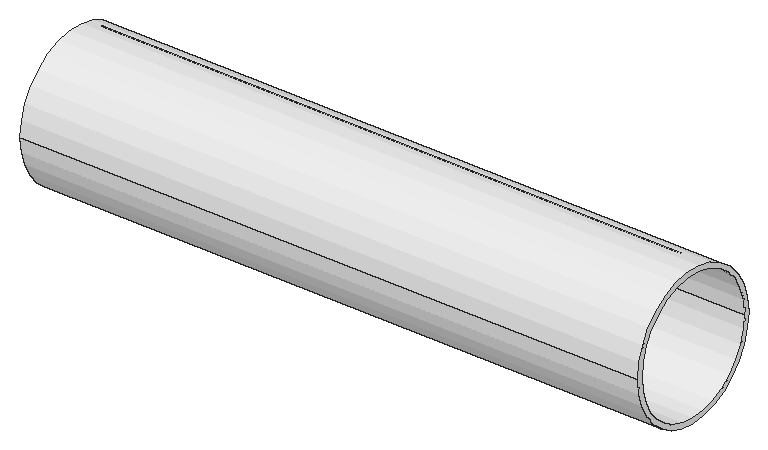
Revit family
Parameters (values of type "UP273.1x9.3")
  t = 9.3 mm
  W = 0.5933
  Start Extension Calculation [instance] = 3012.5 mm + Start Extension  # 3000 mm
  Start Extension [instance] = -12.5 mm
  Length [instance] = 1500 mm
  OD = 273.1 mm
  End Extension Calculation [instance] = 3012.5 mm + End Extension  # 3000 mm
  End Extension [instance] = -12.5 mm
  Beam Material [instance] = Metal - Steel - 345 MPa
  Assembly Code = ""
  A = 0.008 m²
Reference planes
  plane 1 "Center (Front/Back)": y = 0
  plane 2: z = 0
  plane 3 "Center (Left/Right)": x = 4.61
  plane 4 "Member Left": x = -604.99
  plane 5 "Member Right": x = 614.21
  plane 6: y = 136.55
  plane 7: y = -136.55
  plane 8 "Top": z = 136.55
  plane 9: z = -136.55
  plane 10 "Left": x = -757.39
  plane 11 "Right": x = 742.61
  plane 12: x = -604.99
  plane 13: x = 614.21
  plane 14: x = 2395.01
  plane 15: x = -2385.79
Forms (mm)
  Extrusion 1, solid, material "Metal - Steel - 345 MPa" <- "Beam Material", detail levels medium+fine
    sketch origin (4.61, 0, 0) x (0, 1, 0) y (0, 0, 1)
      loop
        circle (0, 0) r 136.55
      loop
        circle (0, 0) r 127.25
    from -609.6 to 609.6
Lines and regions (mm)
  symbolic lines, style "Stick Symbols", detail levels coarse
    curve 1: arc (0, 136.55, 0) -> (0, 0, -136.55) -> (0, -136.55, 0) r 136.55
    curve 2: arc (0, -136.55, 0) -> (0, 0, 136.55) -> (0, 136.55, 0) r 136.55
Dimensions and locks
  "OD": plane 6 to plane 7
  "OD": plane 9 to plane 8 "Top"
  equal spacing: plane 9, plane 2, plane 8 "Top"
  equal spacing: plane 6, plane 1 "Center (Front/Back)", plane 7
  "Length": plane 10 "Left" to plane 11 "Right"
  "t": plane 6 to Extrusion 1 sketch curve
  "t": Extrusion 1 sketch curve to plane 7
  "Start Extension Calculation": plane 12 to plane 14
  "End Extension Calculation": plane 15 to plane 13
  locked: plane 4 "Member Left" to plane 14 at 3000
  locked: plane 15 to plane 5 "Member Right" at 3000
  aligned and locked: Extrusion 1 to plane 12
  aligned and locked: Extrusion 1 to plane 13
Automatic sketch dimensions
  curve 1 to level = 0 mm
  curve 1 to plane 7 = 0 mm
  curve 1 to plane 1 "Center (Front/Back)" = 0 mm
  Extrusion 1 sketch curve to Extrusion 1 sketch curve = 0 mm  (x2)
  Extrusion 1 sketch curve to level = 0 mm
  Extrusion 1 sketch curve to plane 7 = 0 mm
